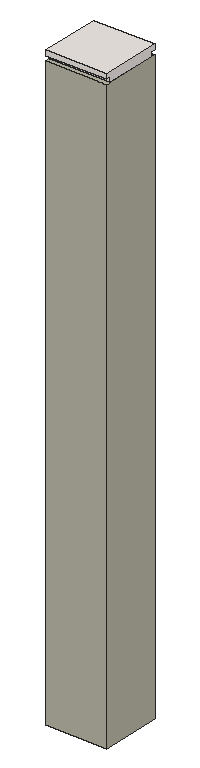
Revit family "M_Sistema de mobiliário-partição-poste de transição-quadrado", category Sistema de mobiliário, Revit 2019
Family settings
  Cota do conector redondo = Utilizar diâmetro
  Tipo de parte = Normal
  Número OmniClass = 23.40.70.14.64.21
  Título OmniClass = Systems Furniture
  Com base no plano de trabalho = Não
  Sempre na vertical = Sim
  Corte com vazios quando carregada = Não
  Compartilhado = Não
  Ponto de cálculo do ambiente = Não
Parameters (values of type "80 x 900mm")
  Comentários de tipos = "Poste de transição quadrado de 80 x 900 mm"
  Espessura = 80 mm
  Material do painel [instance] = Tela – Xadrez bege
  Model = ""
  Manufacturer = ""
  Altura = 900 mm
  Material da aresta [instance] = Metal – Linho pintado
  Description = ""
Types (3, lengths in mm): name | Comentários de tipos | Altura
  80 x 1050mm | "Poste de transição quadrado de 80 x 1050 mm" | 1050
  80 x 1500mm | "Poste de transição quadrado de 80 x 1500 mm" | 1500
  80 x 900mm | "Poste de transição quadrado de 80 x 900 mm" | 900
Reference planes
  plane 1 "Centro F/T": y = 0
  plane 2: z = 0
  plane 3 "Centro E/D": x = 0
  plane 4 "Parte frontal": y = -40
  plane 5 "Esquerda": x = -40
  plane 6 "Superior": z = 900
  plane 7 "Inferior": z = 101.6
  plane 8: z = 887.3
  plane 9 "Direita": x = 40
  plane 10: y = 40
  plane 11: z = 893.65
  plane 12: z = 6.35
Forms (mm)
  Extrusion 1, solid, material "Tela – Xadrez bege" <- "Material do painel"
    sketch origin (0, 0, 0) x (1, 0, 0) y (0, 1, 0)
      loop
        line (-40, 40) -> (-40, -40) -> (40, -40) -> (40, 40) -> (-40, 40)
    from 101.6 to 887.3
  Extrusion 2, solid, material "Metal – Linho pintado" <- "Material da aresta"
    sketch origin (0, 0, 0) x (0, 1, 0) y (0, 0, 1)
      loop
        line (40, 900) -> (-40, 900) -> (-40, 893.65) -> (-33.65, 893.65) -> (-33.65, 887.3) -> (33.65, 887.3) -> (33.65, 893.65) -> (40, 893.65) -> (40, 900)
    from -40 to 40
Lines and regions (mm)
  Masking region 1
    outline origin (0, 0, 0) x (1, 0, 0) y (0, 1, 0)
      loop
        line (-40, 40) -> (-40, -40) -> (40, -40) -> (40, 40) -> (-40, 40)
Dimensions and locks
  "Espessura": plane 5 "Esquerda" to plane 9 "Direita"
  plane 7 "Inferior" to plane 2 = 101.6 mm
  "Altura": plane 6 "Superior" to plane 2
  locked: plane 6 "Superior" to plane 8 at 12.7
  "Espessura": plane 10 to plane 4 "Parte frontal"
  equal spacing: plane 10, plane 1 "Centro F/T", plane 4 "Parte frontal"
  equal spacing: plane 6 "Superior", plane 11, plane 8
  locked: plane 10 to Extrusion 2 sketch curve at 6.35
  locked: Extrusion 2 sketch curve to plane 4 "Parte frontal" at 6.35
  locked: plane 12 to level at 6.35
  equal spacing: plane 5 "Esquerda", plane 3 "Centro E/D", plane 9 "Direita"
  aligned and locked: level to plane 2
  aligned and locked: Extrusion 1 sketch curve to plane 10
  aligned and locked: plane 5 "Esquerda" to Extrusion 1 sketch curve
  aligned and locked: plane 4 "Parte frontal" to Extrusion 1 sketch curve
  aligned and locked: Extrusion 1 to plane 7 "Inferior"
  aligned and locked: plane 8 to Extrusion 1
  aligned and locked: plane 8 to Extrusion 2 sketch curve
  aligned and locked: plane 11 to Extrusion 2 sketch curve  (x2)
  aligned and locked: Extrusion 2 sketch curve to plane 6 "Superior"
  aligned and locked: plane 4 "Parte frontal" to Extrusion 2 sketch curve
  aligned and locked: Extrusion 2 sketch curve to plane 10
  aligned: plane 3 "Centro E/D" to Extrusion 2
  aligned and locked: Extrusion 2 to plane 5 "Esquerda"
  aligned and locked: plane 5 "Esquerda" to Masking region 1 sketch curve
  aligned and locked: plane 4 "Parte frontal" to Masking region 1 sketch curve
  aligned and locked: Masking region 1 sketch curve to plane 10
  aligned and locked: Extrusion 2 to plane 9 "Direita"
  aligned and locked: plane 9 "Direita" to Masking region 1 sketch curve
  aligned and locked: plane 9 "Direita" to Extrusion 1 sketch curve
